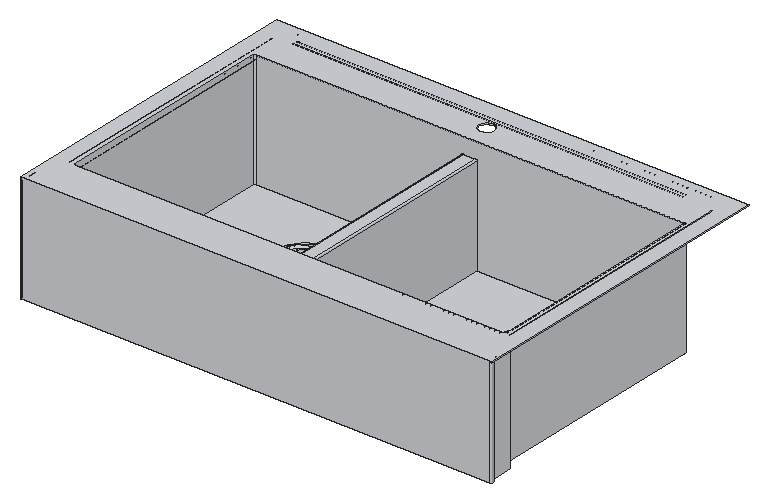
Revit family "Sink-Kitchen-KOHLER-Vault-K-3944_1", category Plumbing Fixtures, host Face, Revit 2015
Parameters (values of type "Single Hole,NA-Stainless")
  Width = 24 5/16"  # constant formula
  WaterSense Certified = 1 = 0  # no
  Waste Water Outlet 2 = "Waste Water Outlet 2"  # constant formula
  Waste Water Outlet 1 = "Waste Water Outlet 1"  # constant formula
  Waste Connection = 1 = 1  # yes
  Vent Connection = 1 = 0  # no
  URL = "https://www.us.kohler.com/us/"
  Type = 1
  Single Hole = Type = 1  # yes
  Product Page URL = "http://www.us.kohler.com/us/catalog/productDetails.jsp?productNumber=3944-1"
  Product Name = "Vault"  # constant formula
  Product Documentation Link = "https://www.us.kohler.com/webassets/kpna/catalog/pdf/en/K-3944-1_spec.pdf"
  Model = if(Type = 1, "K-3944-1-NA", if(Type = 2, "K-3944-3-NA", if(Type = 3, "K-3944-4-NA", "NA")))  # "K-3944-1-NA"
  Material = "18-Gauge Stainless Steel"  # constant formula
  MasterFormat 2004 = "22.41.16"  # constant formula
  MasterFormat 1995 = "15410"  # constant formula
  Manufacturer Address = "444 Highland Dr, Kohler, WI 53044"  # constant formula
  Manufacturer = "KOHLER Co."  # constant formula
  Length = 35 3/4"  # constant formula
  Hot Water Inlet = "Hot Water Inlet"  # constant formula
  Height = 9 5/16"  # constant formula
  HW Connection = 1 = 0  # no
  Fourth Hole Distance = if([4_Hole], 9 1/8", 0")  # 0"
  Finish = Kohler-Metal-NA-Stainless
  Faucet Hole Distance = if(Single Hole, 0", 8")  # 0"
  Environmental Product Declaration = ""
  Drain Included = 1 = 0  # no
  Description = "35-3/4 inch x 24-5/16inch x 9-5/16 inch Self-Trimming top-mount double-equal stainless steel apron-front kitchen sink for 36inch cabinet"  # constant formula
  Default Elevation = 36"
  Declare Label = ""
  Date Modified = "04/23/2019"  # constant formula
  Date Created = "04/23/2019"  # constant formula
  Copyright = "Copyright KOHLER Co."  # constant formula
  Contact Us = "https://www.us.kohler.com/us/static/contact.jsp"
  Cold Water Inlet = "Cold Water Inlet"  # constant formula
  CW Connection = 1 = 0  # no
  Assembly Code = "D2010400"
  ADA Compliant = 1 = 0  # no
  4_Hole = Type = 3  # no
  3_Hole = Type = 2  # no
Reference planes (in)
  plane 1 "Center (Front/Back)": y = 0
  plane 2: z = 0
  plane 3 "Center (Left/Right)": x = 0
  plane 4: x = -8.40625
  plane 5: x = 8.40625
  plane 6: x = 0
  plane 7: x = 0
  plane 8: x = 0
  plane 9: x = -17.875
  plane 10: x = 17.875
  plane 11: z = -9.25
  plane 12: z = -8.74684
  plane 13: z = 0.0625
  plane 14: z = -8.1875
  plane 15: z = -10.65855
  plane 16: y = 7.0625
  plane 17: y = 9.5
  plane 18: y = 0
  plane 19: y = -14.8125
  plane 20: y = -12.8125
  plane 21: y = -11.75
  plane 22: y = 5.4375
Forms (in)
  Extrusion 1, void
    sketch origin (0, 5.9375, 0) x (0, 1, 0) y (0, 0, 1)
      loop
        line (3.5625, 0) -> (-17.6875, 0) -> (-17.6875, -10.65855) -> (3.5625, -10.65855) -> (3.5625, 0)
    from -17.875 to 17.8707
  Extrusion 2, void
    sketch origin (0, 35.9375, 0) x (1, 0, 0) y (0, 0, 1)
      loop
        line (-17.875, -8.1755) -> (17.875, -8.1755) -> (17.875, 0) -> (-17.875, 0) -> (-17.875, -8.1755)
    from 47.67521 to 51.58098
Dimensions and locks (in)
  "Height": plane 13 to plane 11
  plane 13 to plane 14 = 8 1/4"
  plane 4 to plane 5 = 16 13/16"
  "Length": plane 9 to plane 10
  plane 3 "Center (Left/Right)" to plane 10 = 17 7/8"
  "Width": plane 17 to plane 19
  plane 18 to plane 17 = 9 1/2"
  plane 16 to plane 17 = 2 7/16"
  equal spacing: plane 7, plane 3 "Center (Left/Right)", plane 8
  "Faucet Hole Distance": plane 7 to plane 8
  "Fourth Hole Distance": plane 8 to plane 6
  aligned and locked: plane 2 to host face
  aligned and locked: level to host face
Automatic sketch dimensions
  host sketch curve to host sketch curve = 96"
  host sketch curve to host sketch curve = 62 1/16"
  Extrusion 1 sketch curve to level = 0"
  Extrusion 1 sketch curve to plane 21 = 0"
  plane 15 to Extrusion 1 sketch curve = 0"
  Extrusion 1 sketch curve to plane 17 = 0"
  plane 9 to Extrusion 2 sketch curve = 0"
  Extrusion 2 sketch curve to level = 0"
  Extrusion 2 sketch curve to plane 10 = 0"
  plane 14 to Extrusion 2 sketch curve = 0.012"
Nested families (in)
  nested 1: "K-3944" at (0, -2.65625, 0.0625), type "K-3944"
Connectors (in)
  piping at (-8.40625, 0, -10.65855), diameter 1.5, driven by "Waste Connection", driven by "Waste Water Outlet 1"
    settings: on nested 1, index 3, connector inside diameter 24", connector length 0", flow factor 0, pipe flow 0 GPM, pressure drop 0.00 psi, fitting loss kfactor 0, connector angle 0.00°, fixture units 0, engagement length 0", angle of deflection 0.00°, flow configuration 0, flow direction 2, fitting loss method 0, system type 16, joint type 0, gender type 0, connector reference index -1, connector utility 1, adjustable connector no, is connector primary yes, connector description "Waste Water Outlet 1"
  piping at (8.40625, 0, -10.65855), diameter 1.5, driven by "Waste Connection", driven by "Waste Water Outlet 2"
    settings: on nested 1, index 4, connector inside diameter 24", connector length 0", flow factor 0, pipe flow 0 GPM, pressure drop 0.00 psi, fitting loss kfactor 0, connector angle 0.00°, fixture units 0, engagement length 0", angle of deflection 0.00°, flow configuration 0, flow direction 2, fitting loss method 0, system type 16, joint type 0, gender type 0, connector reference index -1, connector utility 1, adjustable connector no, is connector primary no, connector description "Waste Water Outlet 2"
Definition of nested family "K-3944"
  Parameters (values of type "K-3944")
    _4 = yes
    _3 = no
    Material = none
    Hole Spacing = 8"
    Distance 2 = if(_4, 0", 5")  # 0"
    Distance 1 = if(or(_3, _4), 0", 5")  # 0"
  Reference planes (in)
    plane 1 "Center (Front/Back)": y = 0
    plane 2: z = 0
    plane 3 "Center (Left/Right)": x = 0
    plane 4: x = -17.875
    plane 5: x = 17.875
    plane 6: y = 12.15625
    plane 7: y = -12.15625
    plane 8: x = 8.40625
    plane 9: x = -8.40625
    plane 10 "B": z = -9.3125
    plane 11 "A": z = -8.80934
    plane 12: y = -9.09375
    plane 13: y = -10.15625
    plane 14: z = -8.25
    plane 15: y = 8.09375
    plane 16: y = 2.65625
    plane 17: y = 9.71875
    plane 18: x = -4
    plane 19: x = 4
    plane 20: y = 9.71875
    plane 21: x = 13.125
    plane 22: x = -4
    plane 23: x = 4
    plane 24: x = 13.125
    plane 25: y = 9.71875
    plane 26: z = -0.0625
    plane 27: z = -10.72105
  Forms (in)
    Extrusion 1, solid, material <- "Material", detail levels medium+fine
      sketch origin (0, 0, 0) x (1, 0, 0) y (0, 1, 0)
        loop
          line (-17.875, 12.15625) -> (-17.875, -12.15625) -> (17.875, -12.15625) -> (17.875, 12.15625) -> (-17.875, 12.15625)
        loop
          arc (-16.20866, 8.09375) -> (-16.31638, 8.04913) -> (-16.361, 7.94141) r 0.15234
          line (-16.361, 7.94141) -> (-16.361, -8.86916)
          arc (-16.361, -8.86916) -> (-16.31638, -8.97688) -> (-16.20866, -9.0215) r 0.15234
          line (-16.20866, -9.0215) -> (16.20733, -9.0215)
          arc (16.20733, -9.0215) -> (16.31599, -8.97649) -> (16.361, -8.86783) r 0.15367
          line (16.361, -8.86783) -> (16.361, 7.94141)
          arc (16.361, 7.94141) -> (16.31638, 8.04913) -> (16.20866, 8.09375) r 0.15234
          line (16.20866, 8.09375) -> (-16.20866, 8.09375)
      from -8.80993 to 0
    Extrusion 2, void, detail levels coarse
      sketch origin (0, 0, 0) x (1, 0, 0) y (0, 0, 1)
        loop
          line (0.45607, -1.25163) -> (-0.45344, -1.25163)
          arc (-0.45344, -1.25163) -> (-0.53056, -1.28357) -> (-0.5625, -1.36069) r 0.10906
          line (-0.5625, -1.36069) -> (-0.5625, -8.86785) -> (0.56138, -8.86785) -> (0.56138, -1.35693)
          arc (0.56138, -1.35693) -> (0.53053, -1.28247) -> (0.45607, -1.25163) r 0.1053
      from -8.47396 to 9.65577
    Extrusion 3, solid, material <- "Material", detail levels medium+fine
      sketch origin (0, 0, 0) x (1, 0, 0) y (0, 1, 0)
        loop
          arc (-16.20866, 8.09375) -> (-16.31638, 8.04913) -> (-16.361, 7.94141) r 0.15234
          line (-16.361, 7.94141) -> (-16.361, -8.94141)
          arc (-16.361, -8.94141) -> (-16.31638, -9.04913) -> (-16.20866, -9.09375) r 0.15234
          line (-16.20866, -9.09375) -> (16.20733, -9.09375)
          arc (16.20733, -9.09375) -> (16.31599, -9.04874) -> (16.361, -8.94008) r 0.15367
          line (16.361, -8.94008) -> (16.361, 7.94141)
          arc (16.361, 7.94141) -> (16.31638, 8.04913) -> (16.20866, 8.09375) r 0.15234
          line (16.20866, 8.09375) -> (-16.20866, 8.09375)
      from -8.80993 to -8.79716
    Extrusion 4, solid, material <- "Material", detail levels medium+fine
      sketch origin (-0.03125, 0, 0) x (1, 0, 0) y (0, 0, 1)
        loop
          line (0.49201, -1.23305) -> (-0.43191, -1.23305)
          arc (-0.43191, -1.23305) -> (-0.50902, -1.26499) -> (-0.54097, -1.34211) r 0.10906
          line (-0.54097, -1.34211) -> (-0.54097, -8.80993) -> (0.60108, -8.80993) -> (0.60108, -1.34211)
          arc (0.60108, -1.34211) -> (0.56913, -1.26499) -> (0.49201, -1.23305) r 0.10906
      from -8.2605 to 9.09375
    Extrusion 5, void
      sketch origin (0, 0, 0) x (0, 1, 0) y (0, 0, 1)
        loop
          line (12.2245, -0.0625) -> (8.11177, -0.0625) -> (8.11177, -8.86785) -> (12.2245, -8.86785) -> (12.2245, -0.0625)
      from -19.75582 to 18.74152
    Extrusion 6, void
      sketch origin (0, 0, 0) x (1, 0, 0) y (0, 0, 1)
        loop
          line (16.375, -0.0625) -> (16.375, -8.89307) -> (17.90142, -8.89307) -> (17.90142, -0.0625) -> (16.375, -0.0625)
      from -17.97971 to 12
    Extrusion 7, void
      sketch origin (0, 0, 0) x (1, 0, 0) y (0, 0, 1)
        loop
          line (-16.44621, -0.0625) -> (-17.9596, -0.0625) -> (-17.9596, -8.93776) -> (-16.44621, -8.93776) -> (-16.44621, -0.0625)
      from -9.34127 to 12
    Extrusion 8, void
      sketch origin (0, -20.25, 0) x (0, 1, 0) y (0, 0, 1)
        loop
          line (11.15625, -0.0625) -> (7.84375, -0.0625) -> (7.84375, -8.86785) -> (11.15625, -8.86785) -> (11.15625, -0.0625)
      from -19.75582 to 18.74152
    Extrusion 9, solid, material <- "Material", detail levels medium+fine
      sketch origin (0, 0, 0) x (1, 0, 0) y (0, 1, 0)
        loop
          arc (-17.75045, -12.12321) -> (-17.82661, -12.06416) -> (-17.78839, -11.97568) r 0.07864
          line (-17.78839, -11.97568) -> (-17.6251, -11.88141)
          arc (-17.6251, -11.88141) -> (-17.58468, -11.84099) -> (-17.56989, -11.78578) r 0.11042
          line (-17.56989, -11.78578) -> (-17.56989, -10.15625) -> (-17.61789, -10.15625) -> (-17.61789, -11.78512)
          arc (-17.61789, -11.78512) -> (-17.62641, -11.8169) -> (-17.64967, -11.84017) r 0.06356
          line (-17.64967, -11.84017) -> (-17.80908, -11.9322)
          arc (-17.80908, -11.9322) -> (-17.86502, -12.06726) -> (-17.74904, -12.15625) r 0.12007
          line (-17.74904, -12.15625) -> (17.75081, -12.15625)
          arc (17.75081, -12.15625) -> (17.86633, -12.06761) -> (17.81061, -11.93309) r 0.11959
          line (17.81061, -11.93309) -> (17.64967, -11.84017)
          arc (17.64967, -11.84017) -> (17.62641, -11.8169) -> (17.61789, -11.78512) r 0.06356
          line (17.61789, -11.78512) -> (17.61789, -10.15625) -> (17.56989, -10.15625) -> (17.56989, -11.78578)
          arc (17.56989, -11.78578) -> (17.58468, -11.84099) -> (17.6251, -11.88141) r 0.11042
          line (17.6251, -11.88141) -> (17.78839, -11.97568)
          arc (17.78839, -11.97568) -> (17.82661, -12.06416) -> (17.75045, -12.12321) r 0.07864
          line (17.75045, -12.12321) -> (-17.75045, -12.12321)
      from -8.238 to -0.048
    Blend 10, solid, material <- "Material", detail levels medium+fine
      base sketch origin (0, 0, 0) x (1, 0, 0) y (0, 1, 0)
        loop
          line (16.375, 8.11177) -> (0.56138, 8.11177) -> (0.56138, -9.09375) -> (16.375, -9.09375) -> (16.375, 8.11177)
      top sketch origin (0, 0, 0) x (1, 0, 0) y (0, 1, 0)
        loop
          arc (10.31121, 4.09507) -> (8.50131, 5.04163) -> (6.62182, 4.24209) r 2.38727
          arc (6.62182, 4.24209) -> (6.01918, 2.62504) -> (6.66389, 1.0243) r 2.38727
          arc (6.66389, 1.0243) -> (8.39662, 0.269) -> (10.13539, 1.0103) r 2.38727
          arc (10.13539, 1.0103) -> (10.78965, 2.5204) -> (10.31121, 4.09507) r 2.38727
      from -8.80993 to -9.24093
    Revolve 11, void
      sketch origin (5.57552, 2.74806, 0) x (1, 0, 0) y (0, 0, 1)
        loop
          line (2.74806, -8.85093) -> (4.34496, -8.85093)
          arc (4.34496, -8.85093) -> (4.54668, -8.81066) -> (4.75192, -8.79716) r 1.56687
          line (4.75192, -8.79716) -> (2.74806, -8.79716) -> (2.74806, -8.85093)
        axis (2.74806, -8.79716) -> (2.74806, -8.85093)
      angle from 0 to 360
    Revolve 12, solid, detail levels medium+fine
      sketch origin (0.04135, 2.74806, 0) x (1, 0, 0) y (0, 0, 1)
        loop
          line (8.2858, -9.23457) -> (9.71378, -9.23457)
          arc (9.71378, -9.23457) -> (9.72828, -9.22856) -> (9.73429, -9.21406) r 0.02051
          line (9.73429, -9.21406) -> (9.73429, -8.9408)
          arc (9.73429, -8.9408) -> (9.74019, -8.92045) -> (9.75606, -8.9064) r 0.03807
          arc (9.75606, -8.9064) -> (9.91173, -8.84864) -> (10.07505, -8.81874) r 0.95463
          arc (10.07505, -8.81874) -> (10.09172, -8.79903) -> (10.07239, -8.78194) r 0.01845
          arc (10.07239, -8.78194) -> (9.8925, -8.80873) -> (9.7212, -8.86981) r 0.93555
          arc (9.7212, -8.86981) -> (9.70565, -8.88353) -> (9.69986, -8.90345) r 0.03717
          line (9.69986, -8.90345) -> (9.69986, -9.17981)
          arc (9.69986, -9.17981) -> (9.69331, -9.19563) -> (9.67748, -9.20219) r 0.02238
          line (9.67748, -9.20219) -> (8.36278, -9.20219) -> (8.36278, -8.74178) -> (8.6024, -8.74178)
          arc (8.6024, -8.74178) -> (8.61683, -8.72921) -> (8.60636, -8.71319) r 0.01457
          arc (8.60636, -8.71319) -> (8.44762, -8.67998) -> (8.2858, -8.66907) r 1.16799
          line (8.2858, -8.66907) -> (8.2858, -9.23457)
        axis (8.2858, -8.66907) -> (8.2858, -9.23457)
      angle from 0 to 360
    Extrusion 13, void
      sketch origin (0, 0, 0) x (1, 0, 0) y (0, 1, 0)
        loop
          circle (8.32358, 2.74806) r 1.78464
      from -11.54045 to -4.68027
    Revolve 14, void
      sketch origin (-5.57552, 2.74806, 0) x (-1, 0, 0) y (0, 0, -1)
        loop
          line (2.74806, 8.85093) -> (2.74806, 8.79716) -> (4.75192, 8.79716)
          arc (4.75192, 8.79716) -> (4.54668, 8.81066) -> (4.34496, 8.85093) r 1.56687
          line (4.34496, 8.85093) -> (2.74806, 8.85093)
        axis (2.74806, 8.79716) -> (2.74806, 8.85093)
      angle from 0 to 360
    Revolve 15, solid, detail levels medium+fine
      sketch origin (-0.04135, 2.74806, 0) x (-1, 0, 0) y (0, 0, -1)
        loop
          line (8.2858, 9.3125) -> (8.2858, 8.66907)
          arc (8.2858, 8.66907) -> (8.44762, 8.67998) -> (8.60636, 8.71319) r 1.16799
          arc (8.60636, 8.71319) -> (8.61683, 8.72921) -> (8.6024, 8.74178) r 0.01457
          line (8.6024, 8.74178) -> (8.36278, 8.74178) -> (8.36278, 9.22188) -> (9.67748, 9.22188)
          arc (9.67748, 9.22188) -> (9.69331, 9.21533) -> (9.69986, 9.1995) r 0.02238
          line (9.69986, 9.1995) -> (9.69986, 8.90345)
          arc (9.69986, 8.90345) -> (9.70565, 8.88353) -> (9.7212, 8.86981) r 0.03717
          arc (9.7212, 8.86981) -> (9.8925, 8.80873) -> (10.07239, 8.78194) r 0.93555
          arc (10.07239, 8.78194) -> (10.09172, 8.79903) -> (10.07505, 8.81874) r 0.01845
          arc (10.07505, 8.81874) -> (9.91173, 8.84864) -> (9.75606, 8.9064) r 0.95463
          arc (9.75606, 8.9064) -> (9.74019, 8.92045) -> (9.73429, 8.9408) r 0.03807
          line (9.73429, 8.9408) -> (9.73429, 9.29199)
          arc (9.73429, 9.29199) -> (9.72828, 9.30649) -> (9.71378, 9.3125) r 0.02051
          line (9.71378, 9.3125) -> (8.2858, 9.3125)
        axis (8.2858, 8.66907) -> (8.2858, 9.3125)
      angle from 0 to 360
    Extrusion 16, void
      sketch origin (0, 0, 0) x (-1, 0, 0) y (0, -1, 0)
        loop
          circle (8.32358, -2.74806) r 1.78464
      from -11.54045 to -4.68027
    Extrusion 17, solid, detail levels medium+fine
      sketch origin (0.15625, 0, -0.00977) x (1, 0, 0) y (0, 0, 1)
        loop
          line (16.71461, -0.23573) -> (16.62415, -0.07867)
          arc (16.62415, -0.07867) -> (16.6052, -0.05968) -> (16.57929, -0.05273) r 0.05177
          line (16.57929, -0.05273) -> (16.44174, -0.05273)
          arc (16.44174, -0.05273) -> (16.41581, -0.05969) -> (16.39684, -0.07869) r 0.05182
          line (16.39684, -0.07869) -> (16.30636, -0.23579)
          arc (16.30636, -0.23579) -> (16.30013, -0.25086) -> (16.298, -0.26704) r 0.06261
          line (16.298, -0.26704) -> (16.298, -0.59699)
          arc (16.298, -0.59699) -> (16.35425, -0.65324) -> (16.4105, -0.59699) r 0.05625
          line (16.4105, -0.59699) -> (16.4105, -0.45209)
          arc (16.4105, -0.45209) -> (16.3955, -0.43709) -> (16.3805, -0.45209) r 0.015
          line (16.3805, -0.45209) -> (16.3805, -0.59666)
          arc (16.3805, -0.59666) -> (16.35425, -0.62291) -> (16.328, -0.59666) r 0.02625
          line (16.328, -0.59666) -> (16.328, -0.27411)
          arc (16.328, -0.27411) -> (16.33, -0.25885) -> (16.33588, -0.24463) r 0.05908
          line (16.33588, -0.24463) -> (16.42042, -0.09785)
          arc (16.42042, -0.09785) -> (16.43147, -0.08679) -> (16.44657, -0.08273) r 0.03018
          line (16.44657, -0.08273) -> (16.57466, -0.08273)
          arc (16.57466, -0.08273) -> (16.58956, -0.08673) -> (16.60046, -0.09765) r 0.02977
          line (16.60046, -0.09765) -> (16.68474, -0.24397)
          arc (16.68474, -0.24397) -> (16.6909, -0.25888) -> (16.693, -0.27487) r 0.06191
          line (16.693, -0.27487) -> (16.693, -0.59752)
          arc (16.693, -0.59752) -> (16.66675, -0.62377) -> (16.6405, -0.59752) r 0.02625
          line (16.6405, -0.59752) -> (16.6405, -0.45115)
          arc (16.6405, -0.45115) -> (16.6255, -0.43615) -> (16.6105, -0.45115) r 0.015
          line (16.6105, -0.45115) -> (16.6105, -0.59732)
          arc (16.6105, -0.59732) -> (16.66675, -0.65357) -> (16.723, -0.59732) r 0.05625
          line (16.723, -0.59732) -> (16.723, -0.2671)
          arc (16.723, -0.2671) -> (16.72087, -0.25087) -> (16.71461, -0.23573) r 0.06285
      from -10.3445 to 9.0835
    Extrusion 18, solid, detail levels medium+fine
      sketch origin (-33.26318, 0, -0.00977) x (1, 0, 0) y (0, 0, 1)
        loop
          line (16.71461, -0.23573) -> (16.62415, -0.07867)
          arc (16.62415, -0.07867) -> (16.6052, -0.05968) -> (16.57929, -0.05273) r 0.05177
          line (16.57929, -0.05273) -> (16.44174, -0.05273)
          arc (16.44174, -0.05273) -> (16.41581, -0.05969) -> (16.39684, -0.07869) r 0.05182
          line (16.39684, -0.07869) -> (16.30636, -0.23579)
          arc (16.30636, -0.23579) -> (16.30013, -0.25086) -> (16.298, -0.26704) r 0.06261
          line (16.298, -0.26704) -> (16.298, -0.59699)
          arc (16.298, -0.59699) -> (16.35425, -0.65324) -> (16.4105, -0.59699) r 0.05625
          line (16.4105, -0.59699) -> (16.4105, -0.45209)
          arc (16.4105, -0.45209) -> (16.3955, -0.43709) -> (16.3805, -0.45209) r 0.015
          line (16.3805, -0.45209) -> (16.3805, -0.59666)
          arc (16.3805, -0.59666) -> (16.35425, -0.62291) -> (16.328, -0.59666) r 0.02625
          line (16.328, -0.59666) -> (16.328, -0.27411)
          arc (16.328, -0.27411) -> (16.33, -0.25885) -> (16.33588, -0.24463) r 0.05908
          line (16.33588, -0.24463) -> (16.42042, -0.09785)
          arc (16.42042, -0.09785) -> (16.43147, -0.08679) -> (16.44657, -0.08273) r 0.03018
          line (16.44657, -0.08273) -> (16.57466, -0.08273)
          arc (16.57466, -0.08273) -> (16.58956, -0.08673) -> (16.60046, -0.09765) r 0.02977
          line (16.60046, -0.09765) -> (16.68474, -0.24397)
          arc (16.68474, -0.24397) -> (16.6909, -0.25888) -> (16.693, -0.27487) r 0.06191
          line (16.693, -0.27487) -> (16.693, -0.59752)
          arc (16.693, -0.59752) -> (16.66675, -0.62377) -> (16.6405, -0.59752) r 0.02625
          line (16.6405, -0.59752) -> (16.6405, -0.45115)
          arc (16.6405, -0.45115) -> (16.6255, -0.43615) -> (16.6105, -0.45115) r 0.015
          line (16.6105, -0.45115) -> (16.6105, -0.59732)
          arc (16.6105, -0.59732) -> (16.66675, -0.65357) -> (16.723, -0.59732) r 0.05625
          line (16.723, -0.59732) -> (16.723, -0.2671)
          arc (16.723, -0.2671) -> (16.72087, -0.25087) -> (16.71461, -0.23573) r 0.06285
      from -10.3445 to 9.0835
    Extrusion 19, solid, detail levels medium+fine
      sketch origin (-6.8065, -4.94798, -0.00293) x (0, 1, 0) y (0, 0, 1)
        loop
          line (16.71461, -0.24257) -> (16.62415, -0.0855)
          arc (16.62415, -0.0855) -> (16.6052, -0.06652) -> (16.57929, -0.05957) r 0.05177
          line (16.57929, -0.05957) -> (16.44174, -0.05957)
          arc (16.44174, -0.05957) -> (16.41581, -0.06653) -> (16.39684, -0.08553) r 0.05182
          line (16.39684, -0.08553) -> (16.30636, -0.24262)
          arc (16.30636, -0.24262) -> (16.30013, -0.2577) -> (16.298, -0.27387) r 0.06261
          line (16.298, -0.27387) -> (16.298, -0.60382)
          arc (16.298, -0.60382) -> (16.35425, -0.66007) -> (16.4105, -0.60382) r 0.05625
          line (16.4105, -0.60382) -> (16.4105, -0.45892)
          arc (16.4105, -0.45892) -> (16.3955, -0.44392) -> (16.3805, -0.45892) r 0.015
          line (16.3805, -0.45892) -> (16.3805, -0.6035)
          arc (16.3805, -0.6035) -> (16.35425, -0.62975) -> (16.328, -0.6035) r 0.02625
          line (16.328, -0.6035) -> (16.328, -0.28095)
          arc (16.328, -0.28095) -> (16.33, -0.26569) -> (16.33588, -0.25146) r 0.05908
          line (16.33588, -0.25146) -> (16.42042, -0.10469)
          arc (16.42042, -0.10469) -> (16.43147, -0.09362) -> (16.44657, -0.08957) r 0.03018
          line (16.44657, -0.08957) -> (16.57466, -0.08957)
          arc (16.57466, -0.08957) -> (16.58956, -0.09357) -> (16.60046, -0.10448) r 0.02977
          line (16.60046, -0.10448) -> (16.68474, -0.25081)
          arc (16.68474, -0.25081) -> (16.6909, -0.26571) -> (16.693, -0.28171) r 0.06191
          line (16.693, -0.28171) -> (16.693, -0.60436)
          arc (16.693, -0.60436) -> (16.66675, -0.63061) -> (16.6405, -0.60436) r 0.02625
          line (16.6405, -0.60436) -> (16.6405, -0.45799)
          arc (16.6405, -0.45799) -> (16.6255, -0.44299) -> (16.6105, -0.45799) r 0.015
          line (16.6105, -0.45799) -> (16.6105, -0.60416)
          arc (16.6105, -0.60416) -> (16.66675, -0.66041) -> (16.723, -0.60416) r 0.05625
          line (16.723, -0.60416) -> (16.723, -0.27394)
          arc (16.723, -0.27394) -> (16.72087, -0.2577) -> (16.71461, -0.24257) r 0.06285
      from -9.1885 to 22.8115
    Extrusion 20, void
      sketch origin (0, 0, 0) x (1, 0, 0) y (0, 1, 0)
        loop
          circle (0, 9.71875) r 0.58302
      from -0.95491 to 0.57533
    Extrusion 21, void
      sketch origin (0, 0, 0) x (1, 0, 0) y (0, 1, 0)
        loop
          circle (-4, 9.71875) r 0.58203
        loop
          circle (4, 9.71875) r 0.58203
      from -0.26852 to 0.52623
    Extrusion 22, void
      sketch origin (0, 0, 0) x (1, 0, 0) y (0, 1, 0)
        loop
          circle (13.125, 9.71875) r 0.58203
      from -0.86436 to 0.40806
    Extrusion 23, void
      sketch origin (-0.09375, 0.07812, 0) x (1, 0, 0) y (0, 1, 0)
        loop
          circle (9.55099, 2.20827) r 0.09239
        loop
          circle (9.4076, 2.00348) r 0.09239
        loop
          circle (9.18449, 1.78037) r 0.09239
        loop
          circle (8.9797, 1.63698) r 0.09239
        loop
          circle (8.70087, 1.53549) r 0.09239
        loop
          circle (8.42837, 1.48744) r 0.09239
        loop
          circle (9.65461, 2.49299) r 0.09239
        loop
          circle (9.30837, 2.4627) r 0.09239
        loop
          circle (9.15441, 2.19603) r 0.09239
        loop
          circle (8.94171, 1.98332) r 0.09239
        loop
          circle (8.69686, 1.84196) r 0.09239
        loop
          circle (8.71349, 2.22811) r 0.09239
        loop
          circle (8.93673, 2.45135) r 0.09239
        loop
          circle (9.55099, 3.10423) r 0.09239
        loop
          circle (9.4076, 3.30902) r 0.09239
        loop
          circle (9.18449, 3.53213) r 0.09239
        loop
          circle (8.9797, 3.67552) r 0.09239
        loop
          circle (8.70087, 3.77701) r 0.09239
        loop
          circle (8.42837, 3.82506) r 0.09239
        loop
          circle (9.65461, 2.81951) r 0.09239
        loop
          circle (9.30837, 2.8498) r 0.09239
        loop
          circle (9.15441, 3.11647) r 0.09239
        loop
          circle (8.94171, 3.32918) r 0.09239
        loop
          circle (8.69686, 3.47054) r 0.09239
        loop
          circle (8.71349, 3.08439) r 0.09239
        loop
          circle (8.93673, 2.86115) r 0.09239
        loop
          circle (7.26151, 2.20827) r 0.09239
        loop
          circle (7.4049, 2.00348) r 0.09239
        loop
          circle (7.62801, 1.78037) r 0.09239
        loop
          circle (7.8328, 1.63698) r 0.09239
        loop
          circle (8.11163, 1.53549) r 0.09239
        loop
          circle (7.15789, 2.49299) r 0.09239
        loop
          circle (7.50413, 2.4627) r 0.09239
        loop
          circle (7.65809, 2.19603) r 0.09239
        loop
          circle (7.87079, 1.98332) r 0.09239
        loop
          circle (8.11564, 1.84196) r 0.09239
        loop
          circle (8.41713, 1.7888) r 0.09239
        loop
          circle (8.41713, 2.14287) r 0.09239
        loop
          circle (8.09901, 2.22811) r 0.09239
        loop
          circle (7.87577, 2.45135) r 0.09239
        loop
          circle (7.26151, 3.10423) r 0.09239
        loop
          circle (7.4049, 3.30902) r 0.09239
        loop
          circle (7.62801, 3.53213) r 0.09239
        loop
          circle (7.8328, 3.67552) r 0.09239
        loop
          circle (8.11163, 3.77701) r 0.09239
        loop
          circle (7.15789, 2.81951) r 0.09239
        loop
          circle (7.50413, 2.8498) r 0.09239
        loop
          circle (7.65809, 3.11647) r 0.09239
        loop
          circle (7.87079, 3.32918) r 0.09239
        loop
          circle (8.11564, 3.47054) r 0.09239
        loop
          circle (8.41713, 3.5237) r 0.09239
        loop
          circle (8.41713, 3.16963) r 0.09239
        loop
          circle (8.09901, 3.08439) r 0.09239
        loop
          circle (7.87577, 2.86115) r 0.09239
      from -9.29105 to -8.238
    Extrusion 24, void
      sketch origin (0.09375, 0.07812, 0) x (-1, 0, 0) y (0, -1, 0)
        loop
          circle (9.55099, -2.20827) r 0.09239
        loop
          circle (9.4076, -2.00348) r 0.09239
        loop
          circle (9.18449, -1.78037) r 0.09239
        loop
          circle (8.9797, -1.63698) r 0.09239
        loop
          circle (8.70087, -1.53549) r 0.09239
        loop
          circle (8.42837, -1.48744) r 0.09239
        loop
          circle (9.65461, -2.49299) r 0.09239
        loop
          circle (9.30837, -2.4627) r 0.09239
        loop
          circle (9.15441, -2.19603) r 0.09239
        loop
          circle (8.94171, -1.98332) r 0.09239
        loop
          circle (8.69686, -1.84196) r 0.09239
        loop
          circle (8.71349, -2.22811) r 0.09239
        loop
          circle (8.93673, -2.45135) r 0.09239
        loop
          circle (9.55099, -3.10423) r 0.09239
        loop
          circle (9.4076, -3.30902) r 0.09239
        loop
          circle (9.18449, -3.53213) r 0.09239
        loop
          circle (8.9797, -3.67552) r 0.09239
        loop
          circle (8.70087, -3.77701) r 0.09239
        loop
          circle (8.42837, -3.82506) r 0.09239
        loop
          circle (9.65461, -2.81951) r 0.09239
        loop
          circle (9.30837, -2.8498) r 0.09239
        loop
          circle (9.15441, -3.11647) r 0.09239
        loop
          circle (8.94171, -3.32918) r 0.09239
        loop
          circle (8.69686, -3.47054) r 0.09239
        loop
          circle (8.71349, -3.08439) r 0.09239
        loop
          circle (8.93673, -2.86115) r 0.09239
        loop
          circle (7.26151, -2.20827) r 0.09239
        loop
          circle (7.4049, -2.00348) r 0.09239
        loop
          circle (7.62801, -1.78037) r 0.09239
        loop
          circle (7.8328, -1.63698) r 0.09239
        loop
          circle (8.11163, -1.53549) r 0.09239
        loop
          circle (7.15789, -2.49299) r 0.09239
        loop
          circle (7.50413, -2.4627) r 0.09239
        loop
          circle (7.65809, -2.19603) r 0.09239
        loop
          circle (7.87079, -1.98332) r 0.09239
        loop
          circle (8.11564, -1.84196) r 0.09239
        loop
          circle (8.41713, -1.7888) r 0.09239
        loop
          circle (8.41713, -2.14287) r 0.09239
        loop
          circle (8.09901, -2.22811) r 0.09239
        loop
          circle (7.87577, -2.45135) r 0.09239
        loop
          circle (7.26151, -3.10423) r 0.09239
        loop
          circle (7.4049, -3.30902) r 0.09239
        loop
          circle (7.62801, -3.53213) r 0.09239
        loop
          circle (7.8328, -3.67552) r 0.09239
        loop
          circle (8.11163, -3.77701) r 0.09239
        loop
          circle (7.15789, -2.81951) r 0.09239
        loop
          circle (7.50413, -2.8498) r 0.09239
        loop
          circle (7.65809, -3.11647) r 0.09239
        loop
          circle (7.87079, -3.32918) r 0.09239
        loop
          circle (8.11564, -3.47054) r 0.09239
        loop
          circle (8.41713, -3.5237) r 0.09239
        loop
          circle (8.41713, -3.16963) r 0.09239
        loop
          circle (8.09901, -3.08439) r 0.09239
        loop
          circle (7.87577, -2.86115) r 0.09239
      from -9.43613 to -8.238
    Extrusion 25, solid, material <- "Material", detail levels coarse
      sketch origin (0, 0, 0) x (1, 0, 0) y (0, 1, 0)
        loop
          line (17.875, 12.15625) -> (-17.875, 12.15625) -> (-17.875, -9.09375) -> (17.875, -9.09375) -> (17.875, 12.15625)
        loop
          line (-17.875, -12.15625) -> (17.875, -12.15625) -> (17.875, -10.28125) -> (-17.875, -10.28125) -> (-17.875, -12.15625)
        loop
          arc (-16.20866, 7.90625) -> (-16.31638, 7.86163) -> (-16.361, 7.75391) r 0.15234
          line (-16.361, 7.75391) -> (-16.361, -8.86916)
          arc (-16.361, -8.86916) -> (-16.31638, -8.97688) -> (-16.20866, -9.0215) r 0.15234
          line (-16.20866, -9.0215) -> (-0.60969, -9.0215) -> (-0.60969, 7.90625) -> (-16.20866, 7.90625)
        loop
          line (16.20866, 7.90625) -> (0.72799, 7.90625) -> (0.72799, -9.0215) -> (16.20733, -9.0215)
          arc (16.20733, -9.0215) -> (16.31599, -8.97649) -> (16.361, -8.86783) r 0.15367
          line (16.361, -8.86783) -> (16.361, 7.75391)
          arc (16.361, 7.75391) -> (16.31638, 7.86163) -> (16.20866, 7.90625) r 0.15234
      from -9.3125 to 0
    Extrusion 26, solid, material <- "Material", detail levels coarse
      sketch origin (0, 0, 0) x (1, 0, 0) y (0, 1, 0)
        loop
          arc (-16.20866, 7.90625) -> (-16.31638, 7.86163) -> (-16.361, 7.75391) r 0.15234
          line (-16.361, 7.75391) -> (-16.361, -8.86916)
          arc (-16.361, -8.86916) -> (-16.31638, -8.97688) -> (-16.20866, -9.0215) r 0.15234
          line (-16.20866, -9.0215) -> (16.20733, -9.0215)
          arc (16.20733, -9.0215) -> (16.31599, -8.97649) -> (16.361, -8.86783) r 0.15367
          line (16.361, -8.86783) -> (16.361, 7.75391)
          arc (16.361, 7.75391) -> (16.31638, 7.86163) -> (16.20866, 7.90625) r 0.15234
          line (16.20866, 7.90625) -> (-16.20866, 7.90625)
      from -9.3125 to -8.86785
    Blend 27, solid, material <- "Material", detail levels medium+fine
      base sketch origin (0, 0, 0) x (-1, 0, 0) y (0, -1, 0)
        loop
          line (0.5625, -8.11177) -> (16.44621, -8.11177) -> (16.44621, 9.09375) -> (0.5625, 9.09375) -> (0.5625, -8.11177)
      top sketch origin (0, 0, 0) x (-1, 0, 0) y (0, -1, 0)
        loop
          arc (10.58287, -3.68036) -> (10.81016, -2.52649) -> (10.45896, -1.40411) r 2.38727
          arc (10.45896, -1.40411) -> (8.60072, -0.27535) -> (6.59791, -1.12145) r 2.38727
          arc (6.59791, -1.12145) -> (6.05497, -2.38187) -> (6.29576, -3.73297) r 2.38727
          arc (6.29576, -3.73297) -> (8.45572, -5.04334) -> (10.58287, -3.68036) r 2.38727
      from -8.80993 to -9.24093
    Revolve 28, solid, material <- "Material", detail levels medium+fine
      sketch origin (0, 2.65625, 0) x (1, 0, 0) y (0, 0, 1)
        loop
          line (-10.81369, -9.24093) -> (-10.56513, -9.30754)
          arc (-10.56513, -9.30754) -> (-10.55177, -9.31646) -> (-10.5466, -9.33168) r 0.025
          line (-10.5466, -9.33168) -> (-10.5466, -9.87037)
          arc (-10.5466, -9.87037) -> (-10.50453, -9.97194) -> (-10.40296, -10.01401) r 0.14364
          line (-10.40296, -10.01401) -> (-10.03809, -10.01401)
          arc (-10.03809, -10.01401) -> (-9.95436, -10.04869) -> (-9.91967, -10.13243) r 0.11842
          line (-9.91967, -10.13243) -> (-9.91967, -10.63691)
          arc (-9.91967, -10.63691) -> (-9.89503, -10.69641) -> (-9.83553, -10.72105) r 0.08414
          line (-9.83553, -10.72105) -> (-9.62043, -10.72105) -> (-9.62043, -9.59155) -> (-8.40625, -9.59155) -> (-8.40625, -9.24093) -> (-10.81369, -9.24093)
        axis (-8.40625, -9.24093) -> (-8.40625, -10.72105)
      angle from 0 to 360
    Revolve 29, solid, material <- "Material", detail levels medium+fine
      sketch origin (0, 2.65625, 0) x (-1, 0, 0) y (0, 0, -1)
        loop
          line (-10.82902, 9.23683) -> (-8.40625, 9.23683) -> (-8.40625, 9.59155) -> (-9.62043, 9.59155) -> (-9.62043, 10.72105) -> (-9.83553, 10.72105)
          arc (-9.83553, 10.72105) -> (-9.89503, 10.69641) -> (-9.91967, 10.63691) r 0.08414
          line (-9.91967, 10.63691) -> (-9.91967, 10.13243)
          arc (-9.91967, 10.13243) -> (-9.95436, 10.04869) -> (-10.03809, 10.01401) r 0.11842
          line (-10.03809, 10.01401) -> (-10.40296, 10.01401)
          arc (-10.40296, 10.01401) -> (-10.50453, 9.97194) -> (-10.5466, 9.87037) r 0.14364
          line (-10.5466, 9.87037) -> (-10.5466, 9.33168)
          arc (-10.5466, 9.33168) -> (-10.55177, 9.31646) -> (-10.56513, 9.30754) r 0.025
          line (-10.56513, 9.30754) -> (-10.82902, 9.23683)
        axis (-8.40625, 9.23683) -> (-8.40625, 10.72105)
      angle from 0 to 360
    Extrusion 30, solid, material <- "Material", detail levels coarse
      sketch origin (0, 0, 0) x (1, 0, 0) y (0, 1, 0)
        loop
          circle (-8.40625, 2.65625) r 1.5
        loop
          circle (8.40625, 2.65625) r 1.5
      from -10.72105 to -9.3125
    Extrusion 31, solid, material <- "Material", detail levels coarse
      sketch origin (0, 0, 0) x (1, 0, 0) y (0, 1, 0)
        loop
          line (-17.875, -9.09375) -> (-17.875, -10.28125) -> (17.875, -10.28125) -> (17.875, -9.09375) -> (-17.875, -9.09375)
      from -0.0625 to 0
  Cuts and joins
    Extrusion 13, Extrusion 23 cuts Blend 10
    Extrusion 23, Extrusion 24 cuts Revolve 12
    Extrusion 24 cuts Revolve 15
    Extrusion 2 cuts Extrusion 26
    joined: Extrusion 25, Extrusion 26, Extrusion 30, Extrusion 31
    Extrusion 2, Extrusion 5, Extrusion 6, Extrusion 7, Extrusion 8, Revolve 11, Extrusion 20, Extrusion 21, Extrusion 22 cuts Extrusion 1
    joined: Extrusion 1, Extrusion 9
    Extrusion 16 cuts Blend 27
    Extrusion 2, Extrusion 5, Extrusion 6, Revolve 11, Extrusion 13, Revolve 14, Extrusion 23 cuts Extrusion 3
    Extrusion 2, Extrusion 5, Extrusion 13, Revolve 14, Extrusion 23 cuts Extrusion 4
    Extrusion 23 cuts Revolve 29
    joined: Extrusion 3, Extrusion 4, Revolve 29
  Lines and regions (in)
    Masking region 1
      outline origin (0, 0, 0) x (1, 0, 0) y (0, 1, 0)
        loop
          line (17.79688, 12.15625) -> (-17.7975, 12.15625)
          arc (-17.7975, 12.15625) -> (-17.8523, 12.13355) -> (-17.875, 12.07875) r 0.0775
          line (-17.875, 12.07875) -> (-17.875, -12.07813)
          arc (-17.875, -12.07813) -> (-17.85212, -12.13337) -> (-17.79687, -12.15625) r 0.07813
          line (-17.79687, -12.15625) -> (17.79688, -12.15625)
          arc (17.79688, -12.15625) -> (17.85212, -12.13337) -> (17.875, -12.07813) r 0.07813
          line (17.875, -12.07813) -> (17.875, 12.07812)
          arc (17.875, 12.07812) -> (17.85212, 12.13337) -> (17.79688, 12.15625) r 0.07813
    Masking region 2
      outline origin (0, 0, 0) x (0, 1, 0) y (0, 0, 1)
        loop
          line (8.09375, -8.64385) -> (8.09375, -0.66334) -> (10.3445, -0.66334) -> (10.3445, -0.0625) -> (11.49376, -0.0625)
          arc (11.49376, -0.0625) -> (11.46783, -0.06946) -> (11.44886, -0.08846) r 0.05182
          line (11.44886, -0.08846) -> (11.35838, -0.24555)
          arc (11.35838, -0.24555) -> (11.35215, -0.26063) -> (11.35002, -0.2768) r 0.06261
          line (11.35002, -0.2768) -> (11.35002, -0.60675)
          arc (11.35002, -0.60675) -> (11.40627, -0.663) -> (11.46252, -0.60675) r 0.05625
          line (11.46252, -0.60675) -> (11.46252, -0.46185)
          arc (11.46252, -0.46185) -> (11.44752, -0.44685) -> (11.43252, -0.46185) r 0.015
          line (11.43252, -0.46185) -> (11.43252, -0.60643)
          arc (11.43252, -0.60643) -> (11.40627, -0.63268) -> (11.38002, -0.60643) r 0.02625
          line (11.38002, -0.60643) -> (11.38002, -0.28388)
          arc (11.38002, -0.28388) -> (11.38203, -0.26862) -> (11.38791, -0.25439) r 0.05908
          line (11.38791, -0.25439) -> (11.47244, -0.10762)
          arc (11.47244, -0.10762) -> (11.48349, -0.09655) -> (11.4986, -0.0925) r 0.03018
          line (11.4986, -0.0925) -> (11.62669, -0.0925)
          arc (11.62669, -0.0925) -> (11.64159, -0.0965) -> (11.65249, -0.10741) r 0.02977
          line (11.65249, -0.10741) -> (11.73676, -0.25374)
          arc (11.73676, -0.25374) -> (11.74292, -0.26864) -> (11.74502, -0.28464) r 0.06191
          line (11.74502, -0.28464) -> (11.74502, -0.60729)
          arc (11.74502, -0.60729) -> (11.71877, -0.63354) -> (11.69252, -0.60729) r 0.02625
          line (11.69252, -0.60729) -> (11.69252, -0.46092)
          arc (11.69252, -0.46092) -> (11.67752, -0.44592) -> (11.66252, -0.46092) r 0.015
          line (11.66252, -0.46092) -> (11.66252, -0.60709)
          arc (11.66252, -0.60709) -> (11.71877, -0.66334) -> (11.77502, -0.60709) r 0.05625
          line (11.77502, -0.60709) -> (11.77502, -0.27687)
          arc (11.77502, -0.27687) -> (11.77289, -0.26063) -> (11.76664, -0.2455) r 0.06285
          line (11.76664, -0.2455) -> (11.67618, -0.08843)
          arc (11.67618, -0.08843) -> (11.65722, -0.06945) -> (11.63131, -0.0625) r 0.05177
          line (11.63131, -0.0625) -> (12.15625, -0.0625) -> (12.15625, 0) -> (-10.37949, 0) -> (-12.09344, 0)
          arc (-12.09344, 0) -> (-12.13763, -0.01831) -> (-12.15594, -0.0625) r 0.0625
          line (-12.15594, -0.0625) -> (-12.15594, -8.18673)
          arc (-12.15594, -8.18673) -> (-12.13741, -8.23147) -> (-12.09267, -8.25) r 0.06327
          line (-12.09267, -8.25) -> (-10.21875, -8.25)
          arc (-10.21875, -8.25) -> (-10.17456, -8.23169) -> (-10.15625, -8.1875) r 0.0625
          line (-10.15625, -8.1875) -> (-10.15625, -0.103)
          arc (-10.15625, -0.103) -> (-10.14439, -0.07436) -> (-10.11575, -0.0625) r 0.0405
          line (-10.11575, -0.0625) -> (-9.13281, -0.0625)
          arc (-9.13281, -0.0625) -> (-9.10519, -0.07394) -> (-9.09375, -0.10156) r 0.03906
          line (-9.09375, -0.10156) -> (-9.09375, -8.62767)
          arc (-9.09375, -8.62767) -> (-9.04109, -8.75903) -> (-8.91227, -8.81763) r 0.19015
          line (-8.91227, -8.81763) -> (0.22549, -9.23468) -> (0.5159, -9.3125) -> (0.5159, -9.87176)
          arc (0.5159, -9.87176) -> (0.55756, -9.97235) -> (0.65815, -10.01401) r 0.14225
          line (0.65815, -10.01401) -> (1.02674, -10.01401)
          arc (1.02674, -10.01401) -> (1.10883, -10.04801) -> (1.14283, -10.1301) r 0.11609
          line (1.14283, -10.1301) -> (1.14283, -10.63576)
          arc (1.14283, -10.63576) -> (1.16781, -10.69607) -> (1.22812, -10.72105) r 0.0853
          line (1.22812, -10.72105) -> (4.08438, -10.72105)
          arc (4.08438, -10.72105) -> (4.14469, -10.69607) -> (4.16967, -10.63576) r 0.0853
          line (4.16967, -10.63576) -> (4.16967, -10.1301)
          arc (4.16967, -10.1301) -> (4.20367, -10.04801) -> (4.28576, -10.01401) r 0.11609
          line (4.28576, -10.01401) -> (4.65435, -10.01401)
          arc (4.65435, -10.01401) -> (4.75494, -9.97235) -> (4.7966, -9.87176) r 0.14225
          line (4.7966, -9.87176) -> (4.7966, -9.3125) -> (5.08047, -9.23644) -> (7.92999, -8.83325)
          arc (7.92999, -8.83325) -> (8.04713, -8.76904) -> (8.09375, -8.64385) r 0.19141
    Masking region 3
      outline origin (0, 0, 0) x (1, 0, 0) y (0, 0, 1)
        loop
          line (-17.875, 0) -> (-17.875, -8.14735)
          arc (-17.875, -8.14735) -> (-17.84493, -8.21993) -> (-17.77235, -8.25) r 0.10265
          line (-17.77235, -8.25) -> (-16.44621, -8.25) -> (-16.44621, -8.76023)
          arc (-16.44621, -8.76023) -> (-16.43191, -8.7967) -> (-16.39662, -8.81373) r 0.05366
          line (-16.39662, -8.81373) -> (-10.83047, -9.23644) -> (-10.5466, -9.3125) -> (-10.5466, -9.87176)
          arc (-10.5466, -9.87176) -> (-10.50494, -9.97235) -> (-10.40435, -10.01401) r 0.14225
          line (-10.40435, -10.01401) -> (-10.03576, -10.01401)
          arc (-10.03576, -10.01401) -> (-9.95367, -10.04801) -> (-9.91967, -10.1301) r 0.11609
          line (-9.91967, -10.1301) -> (-9.91967, -10.63576)
          arc (-9.91967, -10.63576) -> (-9.89469, -10.69607) -> (-9.83438, -10.72105) r 0.0853
          line (-9.83438, -10.72105) -> (-6.97812, -10.72105)
          arc (-6.97812, -10.72105) -> (-6.91781, -10.69607) -> (-6.89283, -10.63576) r 0.0853
          line (-6.89283, -10.63576) -> (-6.89283, -10.1301)
          arc (-6.89283, -10.1301) -> (-6.85883, -10.04801) -> (-6.77674, -10.01401) r 0.11609
          line (-6.77674, -10.01401) -> (-6.40815, -10.01401)
          arc (-6.40815, -10.01401) -> (-6.30756, -9.97235) -> (-6.2659, -9.87176) r 0.14225
          line (-6.2659, -9.87176) -> (-6.2659, -9.3125) -> (-5.98203, -9.23644) -> (-0.6129, -8.8139)
          arc (-0.6129, -8.8139) -> (-0.57703, -8.7965) -> (-0.5625, -8.75938) r 0.05469
          line (-0.5625, -8.75938) -> (-0.5625, -8.25) -> (0.56138, -8.25) -> (0.56138, -8.75929)
          arc (0.56138, -8.75929) -> (0.5759, -8.79641) -> (0.61177, -8.81381) r 0.05469
          line (0.61177, -8.81381) -> (5.98203, -9.23644) -> (6.2659, -9.3125) -> (6.2659, -9.87176)
          arc (6.2659, -9.87176) -> (6.30756, -9.97235) -> (6.40815, -10.01401) r 0.14225
          line (6.40815, -10.01401) -> (6.77674, -10.01401)
          arc (6.77674, -10.01401) -> (6.85883, -10.04801) -> (6.89283, -10.1301) r 0.11609
          line (6.89283, -10.1301) -> (6.89283, -10.63576)
          arc (6.89283, -10.63576) -> (6.91781, -10.69607) -> (6.97812, -10.72105) r 0.0853
          line (6.97812, -10.72105) -> (9.83438, -10.72105)
          arc (9.83438, -10.72105) -> (9.89469, -10.69607) -> (9.91967, -10.63576) r 0.0853
          line (9.91967, -10.63576) -> (9.91967, -10.1301)
          arc (9.91967, -10.1301) -> (9.95367, -10.04801) -> (10.03576, -10.01401) r 0.11609
          line (10.03576, -10.01401) -> (10.40435, -10.01401)
          arc (10.40435, -10.01401) -> (10.50494, -9.97235) -> (10.5466, -9.87176) r 0.14225
          line (10.5466, -9.87176) -> (10.5466, -9.3125) -> (10.83047, -9.23644) -> (16.32451, -8.81385)
          arc (16.32451, -8.81385) -> (16.36044, -8.79648) -> (16.375, -8.75932) r 0.05469
          line (16.375, -8.75932) -> (16.375, -8.25) -> (17.78037, -8.25)
          arc (17.78037, -8.25) -> (17.84728, -8.22228) -> (17.875, -8.15537) r 0.09463
          line (17.875, -8.15537) -> (17.875, 0) -> (-17.875, 0)
    symbolic lines, detail levels medium+fine
      curve 1: line (-16.361, -9.09375, 0) -> (-16.361, 8.09375, 0)
      curve 2: line (16.361, 8.09375, 0) -> (-16.361, 8.09375, 0)
      curve 3: line (-16.361, -9.09375, 0) -> (16.361, -9.09375, 0)
      curve 4: line (-0.71875, 8.09375, 0) -> (-0.71875, -9.09375, 0)
      curve 5: line (0.72799, -9.09375, 0) -> (0.72799, 8.09375, 0)
      curve 6: line (16.361, 8.09375, 0) -> (16.361, -9.09375, 0)
      curve 7: circle (8.40625, 2.65625, 0) r 1.41246 normal (0, 0, 1)
      curve 8: line (-16.20866, 7.90625, 0) -> (-0.95866, 7.90625, 0)
      curve 9: line (-0.95866, -8.8965, 0) -> (-16.20866, -8.8965, 0)
      curve 10: line (-16.20866, -8.8965, 0) -> (-16.20866, 7.90625, 0)
      curve 11: line (-0.95866, -8.8965, 0) -> (-0.95866, 7.90625, 0)
      curve 12: line (0.87109, 7.90625, 0) -> (16.12109, 7.90625, 0)
      curve 13: line (16.12109, -8.8965, 0) -> (0.87109, -8.8965, 0)
      curve 14: line (0.87109, -8.8965, 0) -> (0.87109, 7.90625, 0)
      curve 15: line (16.12109, -8.8965, 0) -> (16.12109, 7.90625, 0)
      curve 16: line (0, -12.15454, -0.0625) -> (0, -10.11575, -0.0625)
      curve 17: line (0, -9.13281, -0.0625) -> (0, 10.3445, -0.0625)
      curve 18: line (0, -8.94953, -8.80932) -> (0, 7.98868, -8.80932)
      curve 19: line (0, 5.08047, -9.23644) -> (0, 0.22549, -9.23468)
      curve 20: line (-16.44621, 0, -8.25) -> (-0.5625, 0, -8.25)
      curve 21: line (0.56138, 0, -8.25) -> (16.375, 0, -8.25)
      curve 22: line (-10.83047, 0, -9.23644) -> (-5.98203, 0, -9.23644)
      curve 23: line (5.98203, 0, -9.23644) -> (10.83047, 0, -9.23644)
      curve 24: line (-9.92061, 3.64491, 0) -> (-16.20866, 7.90625, 0)
      curve 25: line (-6.88892, 3.64693, 0) -> (-0.95866, 7.90625, 0)
      curve 26: line (-9.47457, 1.21523, 0) -> (-16.20866, -8.8965, 0)
      curve 27: line (-7.33499, 1.21068, 0) -> (-0.95866, -8.8965, 0)
      curve 28: line (9.50098, 4.08413, 0) -> (16.12109, 7.90625, 0)
      curve 29: line (9.40546, 1.15997, 0) -> (16.12109, -8.8965, 0)
      curve 30: line (7.33816, 1.20834, 0) -> (0.87109, -8.8965, 0)
      curve 33: arc (0.58302, 9.71875, 0) -> (0, 10.30177, 0) -> (-0.58302, 9.71875, 0) r 0.58302
      curve 34: arc (-0.58302, 9.71875, 0) -> (0, 9.13573, 0) -> (0.58302, 9.71875, 0) r 0.58302
      curve 39: circle (9.54213, 2.23305, 0) r 0.09239 normal (0, 0, 1)
      curve 40: circle (9.39874, 2.02826, 0) r 0.09239 normal (0, 0, 1)
      curve 41: circle (9.17563, 1.80515, 0) r 0.09239 normal (0, 0, 1)
      curve 42: circle (8.97084, 1.66176, 0) r 0.09239 normal (0, 0, 1)
      curve 43: circle (8.69202, 1.56027, 0) r 0.09239 normal (0, 0, 1)
      curve 44: circle (8.41951, 1.51222, 0) r 0.09239 normal (0, 0, 1)
      curve 45: circle (9.64576, 2.51776, 0) r 0.09239 normal (0, 0, 1)
      curve 46: circle (9.29952, 2.48747, 0) r 0.09239 normal (0, 0, 1)
      curve 47: circle (9.14556, 2.2208, 0) r 0.09239 normal (0, 0, 1)
      curve 48: circle (8.93285, 2.0081, 0) r 0.09239 normal (0, 0, 1)
      curve 49: circle (8.688, 1.86673, 0) r 0.09239 normal (0, 0, 1)
      curve 50: circle (8.70463, 2.25288, 0) r 0.09239 normal (0, 0, 1)
      curve 51: circle (8.92787, 2.47613, 0) r 0.09239 normal (0, 0, 1)
      curve 52: circle (9.54213, 3.12901, 0) r 0.09239 normal (0, 0, -1)
      curve 53: circle (9.39874, 3.33379, 0) r 0.09239 normal (0, 0, -1)
      curve 54: circle (9.17563, 3.5569, 0) r 0.09239 normal (0, 0, -1)
      curve 55: circle (8.97084, 3.7003, 0) r 0.09239 normal (0, 0, -1)
      curve 56: circle (8.69202, 3.80178, 0) r 0.09239 normal (0, 0, -1)
      curve 57: circle (8.41951, 3.84983, 0) r 0.09239 normal (0, 0, -1)
      curve 58: circle (9.64576, 2.84429, 0) r 0.09239 normal (0, 0, -1)
      curve 59: circle (9.29952, 2.87458, 0) r 0.09239 normal (0, 0, -1)
      curve 60: circle (9.14556, 3.14125, 0) r 0.09239 normal (0, 0, -1)
      curve 61: circle (8.93285, 3.35396, 0) r 0.09239 normal (0, 0, -1)
      curve 62: circle (8.688, 3.49532, 0) r 0.09239 normal (0, 0, -1)
      curve 63: circle (8.70463, 3.10917, 0) r 0.09239 normal (0, 0, -1)
      curve 64: circle (8.92787, 2.88593, 0) r 0.09239 normal (0, 0, -1)
      curve 65: circle (7.25265, 2.23305, 0) r 0.09239 normal (0, 0, -1)
      curve 66: circle (7.39605, 2.02826, 0) r 0.09239 normal (0, 0, -1)
      curve 67: circle (7.61916, 1.80515, 0) r 0.09239 normal (0, 0, -1)
      curve 68: circle (7.82394, 1.66176, 0) r 0.09239 normal (0, 0, -1)
      curve 69: circle (8.10277, 1.56027, 0) r 0.09239 normal (0, 0, -1)
      curve 70: circle (7.14903, 2.51776, 0) r 0.09239 normal (0, 0, -1)
      curve 71: circle (7.49527, 2.48747, 0) r 0.09239 normal (0, 0, -1)
      curve 72: circle (7.64923, 2.2208, 0) r 0.09239 normal (0, 0, -1)
      curve 73: circle (7.86194, 2.0081, 0) r 0.09239 normal (0, 0, -1)
      curve 74: circle (8.10679, 1.86673, 0) r 0.09239 normal (0, 0, -1)
      curve 75: circle (8.40827, 1.81357, 0) r 0.09239 normal (0, 0, -1)
      curve 76: circle (8.40827, 2.16764, 0) r 0.09239 normal (0, 0, -1)
      curve 77: circle (8.09016, 2.25288, 0) r 0.09239 normal (0, 0, -1)
      curve 78: circle (7.86691, 2.47613, 0) r 0.09239 normal (0, 0, -1)
      curve 79: circle (7.25265, 3.12901, 0) r 0.09239 normal (0, 0, 1)
      curve 80: circle (7.39605, 3.33379, 0) r 0.09239 normal (0, 0, 1)
      curve 81: circle (7.61916, 3.5569, 0) r 0.09239 normal (0, 0, 1)
      curve 82: circle (7.82394, 3.7003, 0) r 0.09239 normal (0, 0, 1)
      curve 83: circle (8.10277, 3.80178, 0) r 0.09239 normal (0, 0, 1)
      curve 84: circle (7.14903, 2.84429, 0) r 0.09239 normal (0, 0, 1)
      curve 85: circle (7.49527, 2.87458, 0) r 0.09239 normal (0, 0, 1)
      curve 86: circle (7.64923, 3.14125, 0) r 0.09239 normal (0, 0, 1)
      curve 87: circle (7.86194, 3.35396, 0) r 0.09239 normal (0, 0, 1)
      curve 88: circle (8.10679, 3.49532, 0) r 0.09239 normal (0, 0, 1)
      curve 89: circle (8.40827, 3.54848, 0) r 0.09239 normal (0, 0, 1)
      curve 90: circle (8.40827, 3.19441, 0) r 0.09239 normal (0, 0, 1)
      curve 91: circle (8.09016, 3.10917, 0) r 0.09239 normal (0, 0, 1)
      curve 92: circle (7.86691, 2.88593, 0) r 0.09239 normal (0, 0, 1)
      curve 93: circle (8.40625, 2.65625, 0) r 0.32811 normal (0, 0, -1)
      curve 94: circle (8.40625, 2.65625, 0) r 1.79924 normal (0, 0, 1)
      curve 95: line (7.31152, 4.08413, 0) -> (0.87109, 7.90625, 0)
      curve 96: circle (-8.40625, 2.65625, 0) r 1.41246 normal (0, 0, -1)
      curve 97: circle (-9.54213, 2.23305, 0) r 0.09239 normal (0, 0, -1)
      curve 98: circle (-9.39874, 2.02826, 0) r 0.09239 normal (0, 0, -1)
      curve 99: circle (-9.17563, 1.80515, 0) r 0.09239 normal (0, 0, -1)
      curve 100: circle (-8.97084, 1.66176, 0) r 0.09239 normal (0, 0, -1)
      curve 101: circle (-8.69202, 1.56027, 0) r 0.09239 normal (0, 0, -1)
      curve 102: circle (-8.41951, 1.51222, 0) r 0.09239 normal (0, 0, -1)
      curve 103: circle (-9.64576, 2.51776, 0) r 0.09239 normal (0, 0, -1)
      curve 104: circle (-9.29952, 2.48747, 0) r 0.09239 normal (0, 0, -1)
      curve 105: circle (-9.14556, 2.2208, 0) r 0.09239 normal (0, 0, -1)
      curve 106: circle (-8.93285, 2.0081, 0) r 0.09239 normal (0, 0, -1)
      curve 107: circle (-8.688, 1.86673, 0) r 0.09239 normal (0, 0, -1)
      curve 108: circle (-8.70463, 2.25288, 0) r 0.09239 normal (0, 0, -1)
      curve 109: circle (-8.92787, 2.47613, 0) r 0.09239 normal (0, 0, -1)
      curve 110: circle (-9.54213, 3.12901, 0) r 0.09239 normal (0, 0, 1)
      curve 111: circle (-9.39874, 3.33379, 0) r 0.09239 normal (0, 0, 1)
      curve 112: circle (-9.17563, 3.5569, 0) r 0.09239 normal (0, 0, 1)
      curve 113: circle (-8.97084, 3.7003, 0) r 0.09239 normal (0, 0, 1)
      curve 114: circle (-8.69202, 3.80178, 0) r 0.09239 normal (0, 0, 1)
      curve 115: circle (-8.41951, 3.84983, 0) r 0.09239 normal (0, 0, 1)
      curve 116: circle (-9.64576, 2.84429, 0) r 0.09239 normal (0, 0, 1)
      curve 117: circle (-9.29952, 2.87458, 0) r 0.09239 normal (0, 0, 1)
      curve 118: circle (-9.14556, 3.14125, 0) r 0.09239 normal (0, 0, 1)
      curve 119: circle (-8.93285, 3.35396, 0) r 0.09239 normal (0, 0, 1)
      curve 120: circle (-8.688, 3.49532, 0) r 0.09239 normal (0, 0, 1)
      curve 121: circle (-8.70463, 3.10917, 0) r 0.09239 normal (0, 0, 1)
      curve 122: circle (-8.92787, 2.88593, 0) r 0.09239 normal (0, 0, 1)
      curve 123: circle (-7.25265, 2.23305, 0) r 0.09239 normal (0, 0, 1)
      curve 124: circle (-7.39605, 2.02826, 0) r 0.09239 normal (0, 0, 1)
      curve 125: circle (-7.61916, 1.80515, 0) r 0.09239 normal (0, 0, 1)
      curve 126: circle (-7.82394, 1.66176, 0) r 0.09239 normal (0, 0, 1)
      curve 127: circle (-8.10277, 1.56027, 0) r 0.09239 normal (0, 0, 1)
      curve 128: circle (-7.14903, 2.51776, 0) r 0.09239 normal (0, 0, 1)
      curve 129: circle (-7.49527, 2.48747, 0) r 0.09239 normal (0, 0, 1)
      curve 130: circle (-7.64923, 2.2208, 0) r 0.09239 normal (0, 0, 1)
      curve 131: circle (-7.86194, 2.0081, 0) r 0.09239 normal (0, 0, 1)
      curve 132: circle (-8.10679, 1.86673, 0) r 0.09239 normal (0, 0, 1)
      curve 133: circle (-8.40827, 1.81357, 0) r 0.09239 normal (0, 0, 1)
      curve 134: circle (-8.40827, 2.16764, 0) r 0.09239 normal (0, 0, 1)
      curve 135: circle (-8.09016, 2.25288, 0) r 0.09239 normal (0, 0, 1)
      curve 136: circle (-7.86691, 2.47613, 0) r 0.09239 normal (0, 0, 1)
      curve 137: circle (-7.25265, 3.12901, 0) r 0.09239 normal (0, 0, -1)
      curve 138: circle (-7.39605, 3.33379, 0) r 0.09239 normal (0, 0, -1)
      curve 139: circle (-7.61916, 3.5569, 0) r 0.09239 normal (0, 0, -1)
      curve 140: circle (-7.82394, 3.7003, 0) r 0.09239 normal (0, 0, -1)
      curve 141: circle (-8.10277, 3.80178, 0) r 0.09239 normal (0, 0, -1)
      curve 142: circle (-7.14903, 2.84429, 0) r 0.09239 normal (0, 0, -1)
      curve 143: circle (-7.49527, 2.87458, 0) r 0.09239 normal (0, 0, -1)
      curve 144: circle (-7.64923, 3.14125, 0) r 0.09239 normal (0, 0, -1)
      curve 145: circle (-7.86194, 3.35396, 0) r 0.09239 normal (0, 0, -1)
      curve 146: circle (-8.10679, 3.49532, 0) r 0.09239 normal (0, 0, -1)
      curve 147: circle (-8.40827, 3.54848, 0) r 0.09239 normal (0, 0, -1)
      curve 148: circle (-8.40827, 3.19441, 0) r 0.09239 normal (0, 0, -1)
      curve 149: circle (-8.09016, 3.10917, 0) r 0.09239 normal (0, 0, -1)
      curve 150: circle (-7.86691, 2.88593, 0) r 0.09239 normal (0, 0, -1)
      curve 151: circle (-8.40625, 2.65625, 0) r 0.32811 normal (0, 0, 1)
      curve 152: circle (-8.40625, 2.65625, 0) r 1.79924 normal (0, 0, -1)
      curve 155: line (-10.5466, 0, -9.3125) -> (-6.2659, 0, -9.3125)
      curve 156: line (6.2659, 0, -9.3125) -> (10.5466, 0, -9.3125)
      curve 157: line (0, 4.7966, -9.3125) -> (0, 0.5159, -9.3125)
      curve 158: line (0, 4.28576, -10.01401) -> (0, 1.02674, -10.01401)
      curve 159: line (-10.03576, 0, -10.01401) -> (-6.77674, 0, -10.01401)
      curve 160: line (6.77674, 0, -10.01401) -> (10.03576, 0, -10.01401)
      curve 161: line (0, 11.63131, -0.0625) -> (0, 11.49376, -0.0625)
      curve 162: line (0, 8.09375, -0.66334) -> (0, -9.09375, -0.66334)
      curve 163: line (-17.875, 0, -0.0625) -> (17.875, 0, -0.0625)
    symbolic lines, visible <- "_3", detail levels medium+fine
      curve 31: arc (-3.41797, 9.71875, 0) -> (-4, 10.30078, 0) -> (-4.58203, 9.71875, 0) r 0.58203
      curve 32: arc (-4.58203, 9.71875, 0) -> (-4, 9.13672, 0) -> (-3.41797, 9.71875, 0) r 0.58203
      curve 35: arc (4.58203, 9.71875, 0) -> (4, 10.30078, 0) -> (3.41797, 9.71875, 0) r 0.58203
      curve 36: arc (3.41797, 9.71875, 0) -> (4, 9.13672, 0) -> (4.58203, 9.71875, 0) r 0.58203
    symbolic lines, visible <- "_4", detail levels medium+fine
      curve 37: arc (13.70703, 9.71875, 0) -> (13.125, 10.30078, 0) -> (12.54297, 9.71875, 0) r 0.58203
      curve 38: arc (12.54297, 9.71875, 0) -> (13.125, 9.13672, 0) -> (13.70703, 9.71875, 0) r 0.58203
      curve 153: circle (-4, 9.71875, 0) r 0.58203 normal (0, 0, 1)
      curve 154: circle (4, 9.71875, 0) r 0.58203 normal (0, 0, -1)
  Dimensions and locks (in)
    plane 4 to plane 5 = 35 3/4"
    plane 7 to plane 6 = 24 5/16"
    plane 3 "Center (Left/Right)" to plane 5 = 17 7/8"
    plane 9 to plane 8 = 16 13/16"
    plane 7 to plane 12 = 3 1/16"
    plane 7 to plane 13 = 2"
    plane 14 to plane 2 = 8 1/4"
    plane 15 to plane 6 = 4 1/16"
    plane 6 to plane 16 = 9 1/2"
    plane 6 to plane 17 = 2 7/16"
    equal spacing: plane 18, plane 3 "Center (Left/Right)", plane 19
    "Hole Spacing": plane 18 to plane 19
    plane 1 "Center (Front/Back)" to plane 17 = 9 23/32"
    plane 22 to plane 3 "Center (Left/Right)" = 4"
    plane 23 to plane 21 = 9 1/8"
    plane 23 to plane 24 = 9 1/8"
    "Distance 1": plane 17 to plane 20
    "Distance 2": plane 25 to plane 17
    plane 26 to level = 1/16"
    plane 2 to plane 10 "B" = 9 5/16"
    aligned and locked: plane 20 to Extrusion 21 sketch curve  (x2)
